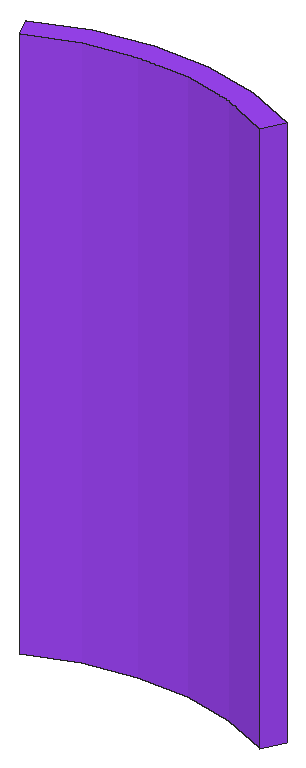
Revit family "EXP_WT-1E_CPan-002", category Curtain Panels, Revit 2021
Family settings
  OmniClass Number = 23.25.20.14.11.11.17
  OmniClass Title = Infill Panels
  Always vertical = Yes
  Cut with Voids When Loaded = Yes
  Shared = No
Parameters (values of type "R = 10'  6"")
  UI-UnitNumber [instance] = "001"
  UI-Quadrant [instance] = "SE"
  UI-ProjectAbbreviation = "NEU"
  UI-ItemCategory = "PID"
  UI-FloorNumber [instance] = "03"
  PNT-WallType = "WT1E"
  PNT-ProjectAbbreviation = "NEU"
  PNT-PanelType [instance] = "01"
  PNT-ItemCategory = "PDL"
  GlassH1 = MP-C(Glass)
  Description = "Curve"
  Define Thermal Properties by = Schematic Type
  CellSp = 0' - 10 3/16"
  CellRayIN [instance] = CellRayEX - CellSp  # 9' - 7 13/16"
  CellRayEX = 10' - 6"
  CellLArch [instance] = 10' - 2.92782"
  CellH1 [instance] = CellH  # 20' - 11"
  CellH [instance] = 20' - 11"
  Analytic Construction = "<None>"
Reference planes (in)
  plane 1 "Center (Front/Back)": y = 0
  plane 2: z = 0
  plane 3 "Center (Left/Right)": x = 0
  plane 4 "Left": x = -59.05512
  plane 5 "Right": x = 59.05512
  plane 6 "Top": z = 251
Forms (in)
  Extrusion 1, solid, material "MP-C(Glass)" <- "GlassH1"
    sketch origin (0, 0, 0) x (1, 0, 0) y (0, 1, 0)
      loop
        line (-59.05512, 0) -> (-54.28032, -8.99925)
        arc (-54.28032, -8.99925) -> (0, 4.50889) -> (54.28032, -8.99925) r 115.8125
        line (54.28032, -8.99925) -> (59.05512, 0)
        arc (59.05512, 0) -> (0, 14.69639) -> (-59.05512, 0) r 126
    from 0 to 251
Lines and regions (in)
  reference lines
    curve 1: line (59.05512, 0, 0) -> (0, -111.30361, 0)
    curve 2: line (-59.05512, 0, 0) -> (0, -111.30361, 0)
    curve 3: line (59.05512, 0, 0) -> (35.40606, 12.54764, 0)
    curve 4: line (-59.05512, 0, 0) -> (-33.31938, 13.65479, 0)
  model lines
    curve 5: arc (-59.05512, 0, 0) -> (0, 14.69639, 0) -> (59.05512, 0, 0) r 126
    curve 6: line (-59.05512, 0, 0) -> (-54.28032, -8.99925, 0)
    curve 7: line (59.05512, 0, 0) -> (54.28032, -8.99925, 0)
    curve 8: arc (54.28032, -8.99925, 0) -> (0, 4.50889, 0) -> (-54.28032, -8.99925, 0) r 115.8125
Text (in)
  text "Exterior" at (-92.59733, 55.75508, 0), in view "Ref. Level"
  text "Exterior" at (0, 90.18664, 173.49264), in view "Left"
  text "Exterior" at (0, 52.29083, 162.21847), in view "Right"
Dimensions and locks (in)
  equal spacing: plane 4 "Left", plane 3 "Center (Left/Right)", plane 5 "Right"
  "CellRayEX": curve 2 to curve 2
  "CellRayEX": curve 2 to curve 1
  "CellSp": curve 6 to curve 6
  "CellSp": curve 7 to curve 7
  "CellH": plane 2 to plane 6 "Top"
  "CellRayEX": radius of curve 5
  locked: curve 2 to curve 4 (angle 90.00°)
  locked: curve 3 to curve 1 (angle 90.00°)
  "CellLArch": arc length of Extrusion 1  (x2)
  aligned and locked: level to plane 2
  aligned and locked: curve 6 to curve 2
  aligned and locked: curve 7 to curve 1
  aligned and locked: Extrusion 1 sketch curve to curve 5
  aligned and locked: Extrusion 1 sketch curve to curve 8
  aligned and locked: Extrusion 1 sketch curve to curve 7
  aligned and locked: Extrusion 1 sketch curve to curve 6
  aligned and locked: Extrusion 1 to level
  aligned and locked: Extrusion 1 to plane 6 "Top"
Automatic sketch dimensions
  curve 5 to curve 8 = 0' - 0"
  plane 1 "Center (Front/Back)" to curve 5 = 0' - 0"
  curve 8 to plane 3 "Center (Left/Right)" = 0' - 0"
  plane 1 "Center (Front/Back)" to curve 4 = 0' - 0"
  curve 4 to plane 4 "Left" = 0' - 0"
  curve 2 to plane 3 "Center (Left/Right)" = 0' - 0"
  plane 1 "Center (Front/Back)" to curve 3 = 0' - 0"
